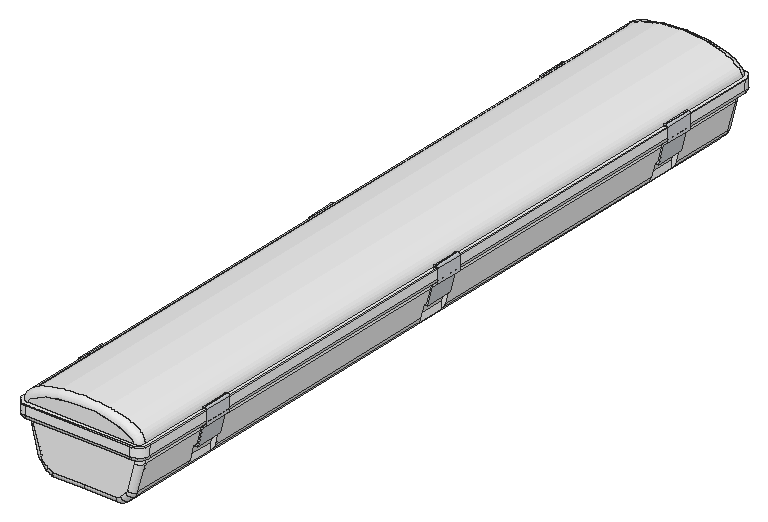
Revit family "0048737 Feilo Sylvania Lighting Fixture SYLPRF SUP LED G3 600MM T 4K QC D", category Lighting Fixtures, host Face, Revit 2016
Family settings
  Host = Face
  Part Type = Normal
  Round Connector Dimension = Use Diameter
  OmniClass Number = 23.80.70.11.14
  OmniClass Title = General Luminaries, Directional
  Cut with Voids When Loaded = No
  Light Source = Yes
  Shared = No
  Room Calculation Point = No
Parameters (values of type "0048737 SYLPRF SUP LED G3 600MM T 4K QC D")
  Width = 110 mm
  Weight = "1.18 kg"
  Wattage Comments = "n/a"
  Wattage = 19 W
  WarrantyStartDate [instance] = "n/a"
  WarrantyGuarantorParts = "n/a"
  WarrantyDurationUnit = "n/a"
  WarrantyDurationParts = "n/a"
  WarrantyDescription = "n/a"
  built-in parameter 1150110 = 1 (stored number, unit not read)
  Voltage = 230 V
  URL = "http://www.sylvania-lighting.com"
  TypeName = "SYLPRF SUP LED G3 600MM T 4K QC D"
  Type Image = <None>
  Type Comments = "n/a"
  built-in parameter 1114217 = 1 (stored number, unit not read)
  Tilt Angle = -90.00°
  built-in parameter 1150109 = 1 (stored number, unit not read)
  built-in parameter 1150134 = 12
  built-in parameter 1150113 = 1 (stored number, unit not read)
  SerialNumber [instance] = "n/a"
  ReflectorMaterial = none
  PowerFactor = 0
  PowerConsumption = "19 W"
  Photometric Web File = "0048737.ies"
  NominalWidth = 0 mm
  NominalLength = 665 mm
  NominalHeight = 78 mm
  Name = "SYLPRF SUP LED G3 600MM T 4K QC D"
  ModelReference = "SYLPRF SUP LED G3 600MM T 4K QC D"
  ModelNumber = "0048737"
  Model = "SYLPRF SUP LED G3 600MM T 4K QC D"
  Material = "grp housing, polycarbonate diffuser"
  ManufacturerName = "Feilo Sylvania"
  Manufacturer = "Feilo Sylvania"
  LuminousEfficacy = "140 lm/W"
  built-in parameter 1150105 = 211.68 (stored number, unit not read)
  Lumens = 2660 lm
  LuminaireType = ""
  built-in parameter 1150115 = 1 (stored number, unit not read)
  LightOutputRatio = "n/a"
  built-in parameter 1150137 = (empty or 0)
  built-in parameter 1150139 = (empty or 0)
  Length = 665 mm
  LampsType = Lamp  # "LED"
  LampNominalLuminous = "2700 lm"
  LampMacAdamStep = "3"
  LampColourTemperature = "4000 K"
  LampColourRenderingIndex = "80"
  built-in parameter 1150112 = 1 (stored number, unit not read)
  built-in parameter 1150114 = 1 (stored number, unit not read)
  Lamp = "LED"
  Keynote = "16500"
  InstallationDate [instance] = "n/a"
  InputVoltage = "220-240V~"
  InputNominalFrequency = "DC/50/60 Hz"
  built-in parameter 1150132 = (empty or 0)
  built-in parameter 1150102 = (empty or 0)
  built-in parameter 1150107 = 4000 (stored number, unit not read)
  built-in parameter 1150138 = (empty or 0)
  IngressProtection = "IP65"
  ImpactProtectionIndex = "IK08"
  built-in parameter 1150106 = 2.1168 (stored number, unit not read)
  IfcExportType = "IfcLightFixtureType"
  IfcExportAs = "IfcLightFixtureType"
  ExpectedLife = 50000
  Emit from Rectangle Width = Width - 20 mm  # 90 mm
  Emit from Rectangle Length = Length - 20 mm  # 645 mm
  Emit Shape Visible in Rendering = no
  ElectricShockClassification = "Class I"
  built-in parameter 1150104 = 13.006 (stored number, unit not read)
  DurationUnit = "hours"
  DocumentationLiterature = "http://www.sylvania-lighting.com/product/en-int/products/0048737"
  DimmingControlOptions = "Dimmable"
  Dimming Lamp Color Temperature Shift = <None>
  DiffuserMaterial = Diffuser-Sylvania-Transparent
  Description = "Sylproof Superia, integrated LED weatherproof luminaire with quick connector, with UV stabilized flat diffuser and linear prisms designed to achieve uniform lit appearance, optimise light output and to reduce glare, stainless steel diffuser clips and fixing brackets for surface and wall mounting. L 665 mm x W 110 mm x H 78 mm size, GRP housing, Polycarbonate diffuser, DALI dimmable, 4000K, CRI80,  2700 lm, 19 W, 140 lm/W, nominal average life (h):50000, energy class: A++ A+ A Class I, IK08, IP65."
  Default Elevation = 1219.2 mm
  CreatedOn = "3/27/2018"
  CreatedBy = "aron.fodor@feilosylvania.com"
  Cost = 0
  Color Filter = 16777215
  built-in parameter 1114216 [instance] = (empty or 0)
  ClassificationValue = "EF_70_80"
  ClassificationName = "Uniclass2015"
  BracketOffset_FEILO = 360 mm
  BodyMaterial = Body-Sylvania-Gray
  BarCode [instance] = "n/a"
  built-in parameter 1114218 = 1 (stored number, unit not read)
  built-in parameter 1150133 = 10 (stored number, unit not read)
  AssetType = "Fixed"
  AssetIdentifier [instance] = "n/a"
  Assembly Code = "D5020200"
  Apparent Load = 19 VA
  AccessoryMaterial = Diffuser-Sylvania-Glow
Reference planes
  plane 1 "Center (Front/Back)": y = 0
  plane 2: z = 0
  plane 3 "Center (Left/Right)": x = 0
  plane 4: z = 54
  plane 5: x = -27.7
  plane 6: x = -34.8
  plane 7: x = -39.6
  plane 8: x = -42.2
  plane 9: z = 3
  plane 10: z = 7.8
  plane 11: z = 12.3
  plane 12: z = 36.6
  plane 13: z = 42.8
  plane 14: x = -51.1
  plane 15: z = 46.2
  plane 16: x = -55
  plane 17: y = 332.5
  plane 18: y = -332.5
  plane 19: x = 27.7
  plane 20: x = 34.8
  plane 21: x = 39.6
  plane 22: x = 42.2
  plane 23: x = 51.1
  plane 24: x = 55
  plane 25: y = 324.9
  plane 26: y = -324.9
  plane 27: y = -321.2
  plane 28: y = 321.2
  plane 29: z = 74
  plane 30: x = -51.5
  plane 31: x = 51.5
  plane 32: z = 55.2
  plane 33: y = -329
  plane 34: y = 329
  plane 35: x = -37.5
  plane 36: x = 37.5
  plane 37: x = -48.7
  plane 38: x = 48.7
  plane 39: x = 18
  plane 40: x = -18
  plane 41: z = 50.2
  plane 42: z = 24.6
  plane 43: y = 720
  plane 44: y = 706
  plane 45: y = 734
  plane 46: y = 250
  plane 47: y = 236
  plane 48: y = 264
  plane 49: y = 0
  plane 50: y = -14
  plane 51: y = 14
  plane 52: y = -250
  plane 53: y = -264
  plane 54: y = -236
Forms (mm)
  Sweep 1, solid, material "Body-Sylvania-Gray" <- "BodyMaterial", detail levels medium+fine
    path origin (1223.4, -4572, 54) x (0, -1, 0) y (1, 0, 0)
      loop
        arc (-4249.5, -1278.4) -> (-4242.429, -1275.471) -> (-4239.5, -1268.4) r 10
        line (-4239.5, -1268.4) -> (-4239.5, -1178.4)
        arc (-4239.5, -1178.4) -> (-4242.429, -1171.329) -> (-4249.5, -1168.4) r 10
        line (-4249.5, -1168.4) -> (-4894.5, -1168.4)
        arc (-4894.5, -1168.4) -> (-4901.571, -1171.329) -> (-4904.5, -1178.4) r 10
        line (-4904.5, -1178.4) -> (-4904.5, -1268.4)
        arc (-4904.5, -1268.4) -> (-4901.571, -1275.471) -> (-4894.5, -1278.4) r 10
        line (-4894.5, -1278.4) -> (-4249.5, -1278.4)
    profile origin (-55, 0, 54) x (-1, 0, 0) y (0, 0, 1)
      loop
        line (0, 0) -> (-1, 0) -> (-1, -7.726)
        arc (-1, -7.726) -> (-1.994, -9.498) -> (-3.9, -10.2) r 2.937
        line (-3.9, -10.2) -> (-8.571, -10.2) -> (-8.571, -11.2) -> (-3.9, -11.2)
        arc (-3.9, -11.2) -> (-1.313, -10.231) -> (0, -7.8) r 3.937
        line (0, -7.8) -> (0, 0)
  Sweep 2, solid, material "Body-Sylvania-Gray" <- "BodyMaterial", detail levels medium+fine
    path origin (0, 0, 0) x (1, 0, 0) y (0, 0, 1)
      loop
        line (48.7, 42.8) -> (48.7, 36.6) -> (42.203, 12.31)
        arc (42.203, 12.31) -> (41.199, 9.884) -> (39.6, 7.8) r 10.052
        line (39.6, 7.8) -> (34.8, 3)
        arc (34.8, 3) -> (31.554, 0.781) -> (27.7, 0) r 9.902
        line (27.7, 0) -> (0, 0) -> (-27.7, 0)
        arc (-27.7, 0) -> (-31.554, 0.781) -> (-34.8, 3) r 9.902
        line (-34.8, 3) -> (-39.6, 7.8)
        arc (-39.6, 7.8) -> (-41.199, 9.884) -> (-42.203, 12.31) r 10.052
        line (-42.203, 12.31) -> (-48.7, 36.6) -> (-48.7, 42.8)
    profile origin (0, 0, 0) x (0, 0, -1) y (0, -1, 0)
      loop
        arc (0, 319.9) -> (-1.464, 323.436) -> (-5, 324.9) r 5
        line (-5, 324.9) -> (-7.8, 324.9) -> (-7.8, -324.9) -> (-5, -324.9)
        arc (-5, -324.9) -> (-1.464, -323.436) -> (0, -319.9) r 5
        line (0, -319.9) -> (0, 319.9)
  Extrusion 3, solid, material "Body-Sylvania-Gray" <- "BodyMaterial", detail levels medium+fine
    sketch origin (1524, 324.9, 1219.2) x (1, 0, 0) y (0, 0, 1)
      loop
        arc (-1558.668, -1204.874) -> (-1558.443, -1205.418) -> (-1558.085, -1205.885) r 2.252
        line (-1558.085, -1205.885) -> (-1553.231, -1210.738)
        arc (-1553.231, -1210.738) -> (-1552.534, -1211.227) -> (-1551.7, -1211.4) r 2.102
        line (-1551.7, -1211.4) -> (-1496.3, -1211.4)
        arc (-1496.3, -1211.4) -> (-1495.466, -1211.227) -> (-1494.769, -1210.738) r 2.102
        line (-1494.769, -1210.738) -> (-1489.915, -1205.885)
        arc (-1489.915, -1205.885) -> (-1489.557, -1205.418) -> (-1489.332, -1204.874) r 2.252
        line (-1489.332, -1204.874) -> (-1483.1, -1181.575) -> (-1483.1, -1176.4) -> (-1564.9, -1176.4) -> (-1564.9, -1181.575) -> (-1558.668, -1204.874)
    from 0 to 649.8
  Sweep 4, solid, material "Diffuser-Sylvania-Transparent" <- "DiffuserMaterial", detail levels medium+fine
    path origin (0, 0, 0) x (1, 0, 0) y (0, 0, 1)
      loop
        spline (-51.5, 55.2) -> (-49.745, 60.066) -> (-44.6, 64.6) -> (-36.416, 68.494) -> (-25.75, 71.481) -> (-13.329, 73.359) -> (0, 74) -> (13.329, 73.359) -> (25.75, 71.481) -> (36.416, 68.494) -> (44.6, 64.6) -> (49.745, 60.066) -> (51.5, 55.2)
    profile origin (51.5, 0, 55.2) x (0, -1, 0) y (1, 0, 0)
      loop
        arc (329, -5.5) -> (327.389, -1.611) -> (323.5, 0) r 5.5
        line (323.5, 0) -> (-323.5, 0)
        arc (-323.5, 0) -> (-327.389, -1.611) -> (-329, -5.5) r 5.5
        line (-329, -5.5) -> (-329, -6.3) -> (-328, -6.3) -> (-328, -5.5)
        arc (-328, -5.5) -> (-326.682, -2.318) -> (-323.5, -1) r 4.5
        line (-323.5, -1) -> (323.5, -1)
        arc (323.5, -1) -> (326.682, -2.318) -> (328, -5.5) r 4.5
        line (328, -5.5) -> (328, -6.347) -> (329, -6.347) -> (329, -5.5)
  Extrusion 5, solid, material "Diffuser-Sylvania-Transparent" <- "DiffuserMaterial", detail levels medium+fine
    sketch origin (1524, -329, 1219.2) x (1, 0, 0) y (0, 0, 1)
      loop
        line (-1569.653, -1164) -> (-1478.347, -1164)
        spline (-1478.347, -1164) -> (-1478.969, -1162.594) -> (-1482.527, -1159.545) -> (-1489.588, -1156.201) -> (-1499.458, -1153.445) -> (-1511.242, -1151.663) -> (-1524, -1151.049) -> (-1536.758, -1151.663) -> (-1548.542, -1153.445) -> (-1558.412, -1156.201) -> (-1565.473, -1159.545) -> (-1569.031, -1162.594) -> (-1569.653, -1164)
    from 0 to -1
  Extrusion 6, solid, material "Diffuser-Sylvania-Transparent" <- "DiffuserMaterial", detail levels medium+fine
    sketch origin (1524, 329, 1219.2) x (1, 0, 0) y (0, 0, 1)
      loop
        spline (-1478.3, -1164) -> (-1478.931, -1162.565) -> (-1482.502, -1159.505) -> (-1489.572, -1156.155) -> (-1499.446, -1153.394) -> (-1511.236, -1151.614) -> (-1524, -1151.007) -> (-1536.764, -1151.614) -> (-1548.554, -1153.394) -> (-1558.428, -1156.155) -> (-1565.498, -1159.505) -> (-1569.069, -1162.565) -> (-1569.7, -1164)
        line (-1569.7, -1164) -> (-1478.3, -1164)
    from 0 to 1
  Extrusion 7, solid, material "Diffuser-Sylvania-Transparent" <- "DiffuserMaterial", detail levels medium+fine
    sketch origin (1223.4, -4572, 55.2) x (0, -1, 0) y (-1, 0, 0)
      loop
        arc (-4900, 1177.4) -> (-4898.682, 1174.218) -> (-4895.5, 1172.9) r 4.5
        line (-4895.5, 1172.9) -> (-4248.5, 1172.9)
        arc (-4248.5, 1172.9) -> (-4245.318, 1174.218) -> (-4244, 1177.4) r 4.5
        line (-4244, 1177.4) -> (-4244, 1269.4)
        arc (-4244, 1269.4) -> (-4245.318, 1272.582) -> (-4248.5, 1273.9) r 4.5
        line (-4248.5, 1273.9) -> (-4895.5, 1273.9)
        arc (-4895.5, 1273.9) -> (-4898.682, 1272.582) -> (-4900, 1269.4) r 4.5
        line (-4900, 1269.4) -> (-4900, 1177.4)
      loop
        line (-4904.5, 1268.4) -> (-4904.5, 1178.4)
        arc (-4904.5, 1178.4) -> (-4901.571, 1171.329) -> (-4894.5, 1168.4) r 10
        line (-4894.5, 1168.4) -> (-4249.5, 1168.4)
        arc (-4249.5, 1168.4) -> (-4242.429, 1171.329) -> (-4239.5, 1178.4) r 10
        line (-4239.5, 1178.4) -> (-4239.5, 1268.4)
        arc (-4239.5, 1268.4) -> (-4242.429, 1275.471) -> (-4249.5, 1278.4) r 10
        line (-4249.5, 1278.4) -> (-4894.5, 1278.4)
        arc (-4894.5, 1278.4) -> (-4901.571, 1275.471) -> (-4904.5, 1268.4) r 10
    from 0 to 1.2
  Extrusion 8, solid, material "Diffuser-Sylvania-Glow" <- "AccessoryMaterial", detail levels fine
    sketch origin (0, 0, 0) x (1, 0, 0) y (0, 0, 1)
      loop
        circle (-18, 50.2) r 8
      loop
        circle (18, 50.2) r 8
    from -321.2 to 321.2
  Extrusion 9, solid, material "Body-Sylvania-Gray" <- "BodyMaterial", detail levels coarse
    sketch origin (0, 0, 0) x (1, 0, 0) y (0, 0, 1)
      loop
        line (55, 42.8) -> (55, 55.2) -> (-55, 55.2) -> (-55, 42.791) -> (-42.2, 0) -> (42.2, 0) -> (55, 42.8)
    from -332.5 to 332.5
  Extrusion 10, solid, material "Diffuser-Sylvania-Transparent" <- "DiffuserMaterial", detail levels coarse
    sketch origin (0, 0, 0) x (1, 0, 0) y (0, 0, 1)
      loop
        arc (51.5, 55.2) -> (0, 74) -> (-51.5, 55.2) r 79.939
        line (-51.5, 55.2) -> (51.5, 55.2)
    from 324.9 to -324.9
  Extrusion 11, void, not visible
    sketch origin (0, 720, 2343.807) x (0, 0, -1) y (-1, 0, 0)
      loop
        line (2340.807, -37.5) -> (2331.507, -37.5) -> (2319.207, -42.2) -> (2319.207, -48.7) -> (2340.807, -48.7) -> (2340.807, -37.5)
      loop
        line (2340.807, 37.5) -> (2340.807, 48.7) -> (2319.207, 48.7) -> (2319.207, 42.2) -> (2331.507, 37.5) -> (2340.807, 37.5)
    from -14 to 14
  Extrusion 12, void
    sketch origin (0, 250, 2343.807) x (0, 0, -1) y (-1, 0, 0)
      loop
        line (2340.807, -37.5) -> (2331.507, -37.5) -> (2319.207, -42.2) -> (2319.207, -48.7) -> (2340.807, -48.7) -> (2340.807, -37.5)
      loop
        line (2340.807, 37.5) -> (2340.807, 48.7) -> (2319.207, 48.7) -> (2319.207, 42.2) -> (2331.507, 37.5) -> (2340.807, 37.5)
    from -14 to 14
  Extrusion 13, void
    sketch origin (0, 0, 2343.807) x (0, 0, -1) y (-1, 0, 0)
      loop
        line (2340.807, -37.5) -> (2331.507, -37.5) -> (2319.207, -42.2) -> (2319.207, -48.7) -> (2340.807, -48.7) -> (2340.807, -37.5)
      loop
        line (2340.807, 37.5) -> (2340.807, 48.7) -> (2319.207, 48.7) -> (2319.207, 42.2) -> (2331.507, 37.5) -> (2340.807, 37.5)
    from -14 to 14
  Extrusion 14, void
    sketch origin (0, -250, 2343.807) x (0, 0, -1) y (-1, 0, 0)
      loop
        line (2340.807, -37.5) -> (2331.507, -37.5) -> (2319.207, -42.2) -> (2319.207, -48.7) -> (2340.807, -48.7) -> (2340.807, -37.5)
      loop
        line (2340.807, 37.5) -> (2340.807, 48.7) -> (2319.207, 48.7) -> (2319.207, 42.2) -> (2331.507, 37.5) -> (2340.807, 37.5)
    from -14 to 14
Cuts and joins
  Extrusion 12, Extrusion 13, Extrusion 14 cuts Sweep 2
  Extrusion 12, Extrusion 13, Extrusion 14 cuts Extrusion 3
  joined: Sweep 2, Extrusion 3
  joined: Sweep 4, Extrusion 5, Extrusion 6
Dimensions and locks
  locked: plane 4 to plane 2 at 54
  plane 5 to plane 6 to plane 7 to plane 8 to plane 14 to plane 16 = 7.1 mm locked, 4.8 mm locked, 2.6 mm locked, 8.9 mm, 3.9 mm
  plane 4 to plane 15 to plane 13 to plane 12 to plane 11 to plane 10 to plane 9 = 7.8 mm locked, 3.4 mm, 6.2 mm locked, 24.3 mm locked, 4.5 mm locked, 4.8 mm locked
  equal spacing: plane 18, plane 1 "Center (Front/Back)", plane 17
  "Length": plane 18 to plane 17
  plane 19 to plane 20 to plane 21 to plane 22 to plane 23 to plane 24 = 7.1 mm locked, 4.8 mm locked, 2.6 mm locked, 8.9 mm, 3.9 mm
  equal spacing: plane 24, plane 3 "Center (Left/Right)", plane 16
  "Width": plane 24 to plane 16
  equal spacing: plane 27, plane 1 "Center (Front/Back)", plane 28
  locked: plane 26 to plane 27 at 3.7
  locked: Sweep 1 sketch curve to profile plane at 1
  locked: Sweep 1 sketch curve to plane 13 at 1
  locked: Sweep 1 sketch curve to plane 13 at 3.937  (x2)
  locked: Sweep 1 sketch curve to profile plane at 3.9  (x2)
  locked: plane 29 to plane 4 at 20
  equal spacing: plane 31, plane 3 "Center (Left/Right)", plane 30
  locked: plane 30 to plane 16 at 3.5
  locked: plane 32 to plane 4 at 1.2
  equal spacing: plane 33, plane 1 "Center (Front/Back)", plane 34
  equal spacing: plane 36, plane 3 "Center (Left/Right)", plane 35
  locked: plane 3 "Center (Left/Right)" to plane 35 at 37.5
  locked: plane 34 to plane 17 at 3.5
  equal spacing: plane 38, plane 3 "Center (Left/Right)", plane 37
  locked: plane 37 to plane 16 at 6.3
  equal spacing: plane 25, plane 1 "Center (Front/Back)", plane 26
  locked: plane 17 to plane 25 at 7.6
  locked: Sweep 2 sketch curve to plane 2 at 5  (x2)
  locked: Sweep 2 sketch curve to plane 26 at 5
  locked: plane 25 to Sweep 2 sketch curve at 5
  locked: Sweep 4 sketch curve to plane 31 at 5.5  (x2)
  locked: Sweep 4 sketch curve to plane 34 at 5.5
  plane 33 to Sweep 4 sketch curve = 5.5 mm
  locked: plane 34 to Sweep 4 sketch curve at 1
  locked: Sweep 4 sketch curve to plane 31 at 1
  locked: Sweep 4 sketch curve to Sweep 4 sketch curve at 1
  locked: Sweep 4 sketch curve to plane 31 at 6.347
  locked: Sweep 4 sketch curve to plane 31 at 6.3
  equal spacing: plane 39, plane 3 "Center (Left/Right)", plane 40
  locked: plane 3 "Center (Left/Right)" to plane 40 at 18
  locked: plane 42 to plane 2 at 24.6
  plane 45 to plane 43 to plane 44 = 14 mm locked, 14 mm locked
  plane 48 to plane 46 to plane 47 = 14 mm locked, 14 mm locked
  plane 51 to plane 49 to plane 50 = 14 mm locked, 14 mm locked
  plane 54 to plane 52 to plane 53 = 14 mm locked, 14 mm locked
  equal spacing: plane 46, plane 1 "Center (Front/Back)", plane 52
  locked: plane 46 to plane 1 "Center (Front/Back)" at 250
  aligned and locked: plane 2 to host face
  aligned and locked: level to host face
  aligned and locked: plane 16 to Sweep 1 sketch curve
  aligned and locked: Sweep 1 sketch curve to plane 24
  aligned and locked: plane 18 to Sweep 1 sketch curve
  aligned and locked: Sweep 1 sketch curve to plane 13
  aligned and locked: profile plane to Sweep 1 sketch curve
  aligned and locked: plane 3 "Center (Left/Right)" to Sweep 2 sketch curve
  aligned and locked: plane 9 to Sweep 2 sketch curve
  aligned and locked: plane 10 to Sweep 2 sketch curve
  aligned and locked: plane 37 to Sweep 2 sketch curve
  aligned and locked: plane 12 to Sweep 2 sketch curve
  aligned and locked: Sweep 2 sketch curve to level
  aligned and locked: plane 21 to Sweep 2 sketch curve
  aligned and locked: plane 38 to Sweep 2 sketch curve
  aligned and locked: profile plane to Sweep 2 sketch curve
  aligned and locked: plane 25 to Sweep 2 sketch curve
  aligned and locked: Sweep 2 sketch curve to plane 10
  aligned and locked: Extrusion 3 sketch curve to Sweep 2  (x7)
  aligned and locked: Sweep 2 to Extrusion 3 sketch curve
  aligned and locked: Extrusion 3 to plane 25
  aligned and locked: plane 26 to Extrusion 3
  aligned and locked: plane 32 to Sweep 4 sketch curve
  aligned and locked: plane 33 to Sweep 4 sketch curve
  aligned and locked: Sweep 4 to Extrusion 5
  aligned and locked: plane 33 to Extrusion 5
  aligned and locked: Extrusion 5 sketch curve to Sweep 4
  aligned and locked: cut or joined group of Sweep 4, Extrusion 5, Extrusion 6 to Extrusion 6 sketch curve
  aligned and locked: Extrusion 7 sketch curve to cut or joined group of Sweep 4, Extrusion 5, Extrusion 6  (x2)
  aligned and locked: cut or joined group of Sweep 4, Extrusion 5, Extrusion 6 to Extrusion 7 sketch curve  (x2)
  aligned and locked: plane 41 to Extrusion 8 sketch curve  (x2)
  aligned and locked: plane 39 to Extrusion 8 sketch curve
  aligned and locked: plane 27 to Extrusion 8
  aligned and locked: Extrusion 8 to plane 28
  aligned and locked: Extrusion 7 sketch curve to Sweep 1  (x4)
  aligned and locked: plane 4 to Extrusion 7
  aligned and locked: Extrusion 7 to plane 32
  aligned and locked: Extrusion 9 sketch curve to plane 24
  aligned and locked: Extrusion 9 sketch curve to Extrusion 7
  aligned and locked: plane 8 to Extrusion 9 sketch curve
  aligned and locked: plane 22 to Extrusion 9 sketch curve
  aligned and locked: level to Extrusion 9 sketch curve
  aligned and locked: Extrusion 9 to plane 17
  aligned and locked: plane 18 to Extrusion 9
  aligned and locked: cut or joined group of Sweep 4, Extrusion 5, Extrusion 6 to Extrusion 10 sketch curve
  aligned and locked: Extrusion 10 sketch curve to cut or joined group of Sweep 4, Extrusion 5, Extrusion 6  (x2)
  aligned and locked: plane 31 to Extrusion 10 sketch curve
  aligned and locked: plane 30 to Extrusion 10 sketch curve
  aligned and locked: plane 26 to Extrusion 10
  aligned and locked: Extrusion 10 to plane 25
  aligned and locked: imposter light to plane 29
  aligned and locked: plane 3 "Center (Left/Right)" to imposter light
  aligned and locked: plane 1 "Center (Front/Back)" to imposter light
  aligned and locked: plane 47 to Extrusion 12
  aligned and locked: Extrusion 12 to plane 48
  aligned and locked: plane 50 to Extrusion 13
  aligned and locked: Extrusion 13 to plane 51
  aligned and locked: plane 53 to Extrusion 14
  aligned and locked: Extrusion 14 to plane 54
  aligned and locked: nested 1 to plane 46
  aligned and locked: plane 46 to nested 6
  aligned and locked: nested 2 to plane 49
  aligned and locked: plane 49 to nested 5
  aligned and locked: nested 3 to plane 52
  aligned and locked: plane 52 to nested 4
  aligned and locked: plane 49 to plane 1 "Center (Front/Back)"
Automatic sketch dimensions
  host sketch curve to host sketch curve = 2438.4 mm  (x2)
  plane 17 to Sweep 1 sketch curve = 0 mm
  Sweep 1 sketch curve to plane 28 = 1.3 mm
  Sweep 1 sketch curve to plane 7 = 5.4 mm
  plane 27 to Sweep 1 sketch curve = 1.3 mm  (x2)
  Sweep 1 sketch curve to Sweep 1 sketch curve = 4.671 mm
  Sweep 1 sketch curve to plane 4 = 0 mm
  Sweep 2 sketch curve to plane 7 = 0 mm
  Sweep 2 sketch curve to plane 6 = 0 mm
  Sweep 2 sketch curve to plane 5 = 0 mm
  plane 19 to Sweep 2 sketch curve = 0 mm
  Sweep 2 sketch curve to plane 9 = 0 mm
  plane 20 to Sweep 2 sketch curve = 0 mm
  Sweep 2 sketch curve to plane 12 = 0 mm
  Sweep 2 sketch curve to plane 10 = 0 mm
  Sweep 2 sketch curve to plane 13 = 0 mm  (x2)
  Sweep 2 sketch curve to plane 8 = 0.003 mm
  plane 6 to Sweep 2 sketch curve = 2.308 mm
  plane 20 to Sweep 2 sketch curve = 2.308 mm
  Sweep 2 sketch curve to plane 22 = 0.003 mm
  Sweep 2 sketch curve to plane 11 = 0.01 mm  (x2)
  Extrusion 3 sketch curve to plane 5 = 0 mm
  plane 19 to Extrusion 3 sketch curve = 0 mm
  plane 6 to Extrusion 3 sketch curve = 0.132 mm
  plane 6 to Extrusion 3 sketch curve = 0.715 mm
  Extrusion 3 sketch curve to Extrusion 3 sketch curve = 1.592 mm
  Extrusion 3 sketch curve to plane 10 = 0.662 mm  (x2)
  plane 20 to Extrusion 3 sketch curve = 2.308 mm
  plane 20 to Extrusion 3 sketch curve = 0.715 mm
  plane 20 to Extrusion 3 sketch curve = 0.132 mm
  Sweep 4 sketch curve to plane 30 = 0 mm
  Sweep 4 sketch curve to plane 3 "Center (Left/Right)" = 0 mm
  Sweep 4 sketch curve to Sweep 4 sketch curve = 0 mm  (x2)
  plane 37 to Extrusion 5 sketch curve = 3.047 mm
  Extrusion 5 sketch curve to plane 38 = 3.047 mm
  plane 37 to Extrusion 6 sketch curve = 3 mm
  Extrusion 6 sketch curve to plane 38 = 3 mm
  plane 25 to Extrusion 7 sketch curve = 1.4 mm  (x2)
  Extrusion 7 sketch curve to plane 26 = 1.4 mm  (x2)
  Extrusion 8 sketch curve to plane 40 = 0 mm
  Extrusion 9 sketch curve to plane 13 = 0 mm
  plane 13 to Extrusion 9 sketch curve = 0.009 mm
  Extrusion 10 sketch curve to level = 5.939 mm
  Extrusion 9 sketch curve to plane 16 = 0 mm
  Extrusion 11 sketch curve to Extrusion 11 sketch curve = 0 mm
  Extrusion 11 sketch curve to Extrusion 11 sketch curve = 12.3 mm  (x2)
  Extrusion 11 sketch curve to Extrusion 11 sketch curve = 9.3 mm  (x2)
  Extrusion 11 sketch curve to Extrusion 11 sketch curve = 6.5 mm
  Extrusion 11 sketch curve to Extrusion 11 sketch curve = 4.7 mm  (x2)
  Extrusion 11 sketch curve to Extrusion 11 sketch curve = 75 mm
  Extrusion 11 sketch curve to Extrusion 11 sketch curve = 11.2 mm
  Extrusion 12 sketch curve to Extrusion 12 sketch curve = 0 mm
  Extrusion 12 sketch curve to Extrusion 12 sketch curve = 12.3 mm  (x2)
  Extrusion 12 sketch curve to Extrusion 12 sketch curve = 9.3 mm  (x2)
  Extrusion 12 sketch curve to Extrusion 12 sketch curve = 6.5 mm
  Extrusion 12 sketch curve to Extrusion 12 sketch curve = 4.7 mm  (x2)
  Extrusion 12 sketch curve to Extrusion 12 sketch curve = 75 mm
  Extrusion 12 sketch curve to Extrusion 12 sketch curve = 11.2 mm
  Extrusion 13 sketch curve to Extrusion 13 sketch curve = 0 mm
  Extrusion 13 sketch curve to Extrusion 13 sketch curve = 12.3 mm  (x2)
  Extrusion 13 sketch curve to Extrusion 13 sketch curve = 9.3 mm  (x2)
  Extrusion 13 sketch curve to Extrusion 13 sketch curve = 6.5 mm
  Extrusion 13 sketch curve to Extrusion 13 sketch curve = 4.7 mm  (x2)
  Extrusion 13 sketch curve to Extrusion 13 sketch curve = 75 mm
  Extrusion 13 sketch curve to Extrusion 13 sketch curve = 11.2 mm
  Extrusion 14 sketch curve to Extrusion 14 sketch curve = 0 mm
  Extrusion 14 sketch curve to Extrusion 14 sketch curve = 12.3 mm  (x2)
  Extrusion 14 sketch curve to Extrusion 14 sketch curve = 9.3 mm  (x2)
  Extrusion 14 sketch curve to Extrusion 14 sketch curve = 6.5 mm
  Extrusion 14 sketch curve to Extrusion 14 sketch curve = 4.7 mm  (x2)
  Extrusion 14 sketch curve to Extrusion 14 sketch curve = 75 mm
  Extrusion 14 sketch curve to Extrusion 14 sketch curve = 11.2 mm
  radius of Extrusion 8 sketch curve = 8 mm  (x2)
Nested families
  nested 1: "Clip" at (-42.2, 250, 24.6) x (-1, 0, 0) z (0, 0, 1), type "Clip", detail levels fine
  nested 2: "Clip" at (-42.2, 0, 24.6) x (-1, 0, 0) z (0, 0, 1), type "Clip", detail levels fine
  nested 3: "Clip" at (-42.2, -250, 24.6) x (-1, 0, 0) z (0, 0, 1), type "Clip", detail levels fine
  nested 4: "Clip" at (42.2, -250, 24.6), type "Clip", detail levels fine
  nested 5: "Clip" at (42.2, 0, 24.6), type "Clip", detail levels fine
  nested 6: "Clip" at (42.2, 250, 24.6), type "Clip", detail levels fine
Connectors
  electrical at (0, 0, 0), driven by "Apparent Load"
    settings: index 1, voltage 230 V, apparent load 19 VA, apparent load phase1 0 VA, apparent load phase2 0 VA, apparent load phase3 0 VA, power factor 0, load classification "Lighting", number of poles 1, system type 30, power factor state 1, is connector primary yes, connector utility no, sub classification motor no, connector description ""
Definition of nested family "Clip"
  Parameters (values of type "Clip")
    URL = "http://www.feilosylvania.com"
    Type Comments = "n/a"
    Model = "n/a"
    Manufacturer = "Feilo Sylvania"
    Keynote = "n/a"
    Description = "n/a"
    Default Elevation = 1219.2 mm
    Cost = 0
    BodyMaterial = none
    Assembly Code = "n/a"
  Reference planes
    plane 1 "Center (Front/Back)": y = 0
    plane 2: z = 0
    plane 3 "Center (Left/Right)": x = 0
    plane 4: x = 3.3
    plane 5: x = 6.5
    plane 6: x = 8.9
    plane 7: x = 12.8
    plane 8: z = 12
    plane 9: z = 18.2
    plane 10: z = 21.6
    plane 11: z = 30.6
    plane 12: x = 9.3
    plane 13: z = 19.2
    plane 14: z = 16.2
    plane 15: x = 10.1
    plane 16: y = 12
    plane 17: y = -12
  Forms (mm)
    Extrusion 1, solid
      sketch origin (-0.8, 0, 0) x (1, 0, 0) y (0, 1, 0)
        loop
          line (-1219.2, 1219.2) -> (-1219.2, -1219.2) -> (1219.2, -1219.2) -> (1219.2, 1219.2) -> (-1219.2, 1219.2)
      from 0 to -304.8
    Extrusion 2, solid
      sketch origin (0, 0, 0) x (1, 0, 0) y (0, 0, 1)
        loop
          line (8.9, 16.2) -> (4.58, 0) -> (0, 0) -> (0, -0.8) -> (5.195, -0.8) -> (9.603, 15.731) -> (13.6, 18.806) -> (13.6, 30.6)
          arc (13.6, 30.6) -> (11.45, 32.75) -> (9.3, 30.6) r 2.15
          line (9.3, 30.6) -> (10.1, 30.6)
          arc (10.1, 30.6) -> (11.45, 31.95) -> (12.8, 30.6) r 1.35
          line (12.8, 30.6) -> (12.8, 19.2) -> (8.9, 16.2)
      from -12 to 12
  Lines and regions (mm)
    reference lines
      curve 1: line (3.3, 0, 0) -> (6.5, 0, 12)
      curve 2: arc (8.9, 0, 18.2) -> (11.488, 0, 19.169) -> (12.8, 0, 21.6) r 3.934
  Dimensions and locks
    plane 7 to plane 6 to plane 5 to plane 4 to plane 3 "Center (Left/Right)" = 3.9 mm locked, 2.4 mm locked, 3.2 mm locked, 3.3 mm locked
    plane 11 to plane 10 to plane 9 to plane 8 to plane 2 = 9 mm locked, 3.4 mm locked, 6.2 mm locked, 12 mm locked
    locked: plane 7 to plane 12 at 3.5
    locked: plane 13 to plane 9 at 1
    locked: plane 9 to plane 14 at 2
    locked: plane 15 to plane 12 at 0.8
    locked: plane 2 to Extrusion 2 sketch curve at 0.8
    locked: Extrusion 2 sketch curve to Extrusion 2 sketch curve at 0.8  (x3)
    locked: plane 7 to Extrusion 2 sketch curve at 1.35
    equal spacing: plane 17, plane 1 "Center (Front/Back)", plane 16
    locked: plane 1 "Center (Front/Back)" to plane 16 at 12
    aligned and locked: plane 2 to Extrusion 1
    aligned and locked: level to Extrusion 1
    aligned and locked: plane 4 to curve 1
    aligned and locked: plane 5 to curve 1
    aligned and locked: plane 6 to curve 2
    aligned and locked: plane 10 to curve 2
    aligned and locked: plane 14 to Extrusion 2 sketch curve
    aligned and locked: plane 13 to Extrusion 2 sketch curve
    aligned and locked: plane 7 to Extrusion 2 sketch curve
    aligned and locked: plane 3 "Center (Left/Right)" to Extrusion 2 sketch curve
    aligned and locked: Extrusion 2 sketch curve to level
    aligned and locked: Extrusion 2 sketch curve to plane 11
    aligned and locked: plane 11 to Extrusion 2 sketch curve
    aligned and locked: Extrusion 2 to plane 16
    aligned and locked: plane 17 to Extrusion 2
  Automatic sketch dimensions
    Extrusion 1 sketch curve to Extrusion 1 sketch curve = 2438.4 mm  (x2)
    curve 2 to plane 7 = 0 mm
    curve 1 to level = 0 mm
    curve 1 to plane 8 = 0 mm
    curve 2 to plane 9 = 0 mm
    plane 6 to curve 2 = 0.002 mm
    Extrusion 2 sketch curve to Extrusion 2 sketch curve = 0 mm
    Extrusion 2 sketch curve to plane 6 = 0 mm
    plane 4 to Extrusion 2 sketch curve = 1.28 mm
